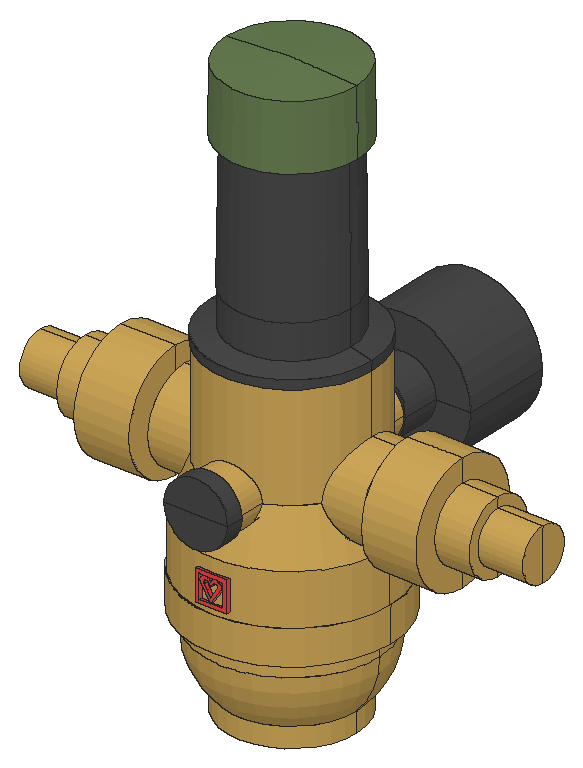
Revit family "Мембранный редуктор давления с крышкой фильтрующего элемента из латуни 2682", category Rohrzubehör, Revit 2021
Family settings
  Bemaßung runder Anschluss = Durchmesser verwenden
  Teiletyp = Unterbricht
  OmniClass-Nummer = 23.65.55.14
  OmniClass-Titel = Valves for Liquid Services
  Arbeitsebenenbasiert = Nein
  Immer vertikal = Ja
  Beim Laden mit Abzugskörper schneiden = Nein
  Gemeinsam genutzt = Nein
Parameters (values of type "Манометр сзади")
  Фильтрующий элемент = "нержавеющая сталь, размер ячейки 0.3 мм"  # constant formula
  Пружина = "пружинная сталь"  # constant formula
  Примечание = "В соответствии со статьей 33 Регламента REACH (Registration; Evaluation; Authorisation; Restriction of Chemicals) (EC № 1907/2006) мы обязаны указать, что свинец внесен в список SVHC (Substances of Very High Concern - вещества очень высокой важности) и весовой процент свинца во всех латунных компонентах заводского изготовления в наших изделиях, превышает 0,1 % (w/w) (CAS: 7439-92-1 / EINECS: 231-100-4).\r\nПоскольку свинец является легирующим компонентом сплава, прямое негативное влияние исключается, и поэтому дополнительной информации о безопасном использовании не требуется."
  Область применения = "Мембранный редуктор давления защищает установки от избыточного давления (снижает давление на входе до рабочего уровня).\r\nРедуктор также может использоваться в системах отопления для защиты водонагревателя от высокого давления.\r\nДавление на выходе настраивается в указанном диапазоне и не зависит от изменения давления на входе.\r\nДавление на выходе можно регулировать путем поворота зеленого маховика.\r\nПри повороте маховика по часовой стрелке увеличивается давление на выходе.\r\nПревышение значений, указанных на шкале редуктора, может привести к повреждению устройства.\r\nДля систем в частных домах рекомендуется установить давление на выходе равным 4 бара, что обеспечивает длительный срок службы изделия и низкие затраты во время его эксплуатации.\r\nПосле изменения настройки необходимо открыть и затем закрыть водоразборный кран и далее проконтролировать достигнутое значение настроенного давления по манометру при закрытом кране водоразбора."
  Номер заказа [instance] = size_lookup("2682_M_", "Artnr", 0, Nennweite)  # 1268221
  Направляющая пружины = "нержавеющая сталь"  # constant formula
  Маховик = "пластик PA6.6, зеленого цвета"  # constant formula
  Макс. рабочая температура = 70 °C  # constant formula
  Букса = "PA6.6"  # constant formula
  Заводская настройка давления на выходе = 300000.0 Pa  # constant formula
  W01 = 91.00°  # constant formula
  Vorne [instance] = no
  Vorgabe-Ansicht = 0.000 mm
  VRL03 [instance] = size_lookup("2682_M_", "VRL3", 1.000 mm, Nennweite)  # 23.500 mm
  VRL02 [instance] = size_lookup("2682_M_", "VRL2", 1.000 mm, Nennweite)  # 16.000 mm
  VRL01 [instance] = size_lookup("2682_M_", "VRL1", 1.000 mm, Nennweite)  # 73.500 mm
  VRD02 [instance] = size_lookup("2682_M_", "VRD2", 1.000 mm, Nennweite)  # 17.000 mm
  VRD01 [instance] = size_lookup("2682_M_", "VRD1", 1.000 mm, Nennweite)  # 10.500 mm
  VRAG [instance] = Nennweite / 2  # 7.500 mm
  URL = "www.herz-armaturen.ru"
  Стандарт = "EN 1567"  # constant formula
  SC_NennweiteBerechnet = 0
  SC_Dimension = ""
  SCTWSEQ = "AW;SBT_TYP_AW=\"111\";2"
  SCTWCODE = "04;24;02"  # constant formula
  S02 = 10.000 mm  # constant formula
  S01 [instance] = VRD02 * 2  # 34.000 mm
  R07 [instance] = R05 + 0.800 mm  # 9.300 mm
  R06 = 19.500 mm  # constant formula
  R05 [instance] = size_lookup("2682_M_", "R5", 1.000 mm, Nennweite)  # 8.500 mm
  R04 [instance] = size_lookup("2682_M_", "R4", 1.000 mm, Nennweite)  # 18.900 mm
  R03 [instance] = size_lookup("2682_M_", "R3", 1.000 mm, Nennweite)  # 19.250 mm
  R02 [instance] = size_lookup("2682_M_", "R2", 1.000 mm, Nennweite)  # 28.750 mm
  R01 [instance] = size_lookup("2682_M_", "R1", 1.000 mm, Nennweite)  # 23.250 mm
  Nennweite [instance] = 15.000 mm
  Мембрана = "EPDM"  # constant formula
  Среда = "Питьевая вода"  # constant formula
  Макс. давление на входе = 1600000.0 Pa  # constant formula
  Шкала манометра = "0 - 10 bar"  # constant formula
  Подключение манометра (с обеих сторон) = "1/4\" F (ISO 228-1)"
  LO01 [instance] = H02 - 2.000 mm  # 27.000 mm
  L01 [instance] = size_lookup("2682_M_", "L1", 1.000 mm, Nennweite)  # 10.600 mm
  L00 [instance] = size_lookup("2682_M_", "L", 1.000 mm, Nennweite)  # 84.000 mm
  Крышка = "латунь CW617N"  # constant formula
  Соединение "американка" = "латунь CW617N"  # constant formula
  Hinten [instance] = yes
  Hersteller = "HERZ Armaturen Ges.m.b.H."  # constant formula
  H12 [instance] = size_lookup("2682_M_", "H12", 1.000 mm, Nennweite)  # 5.800 mm
  H11 [instance] = size_lookup("2682_M_", "H11", 1.000 mm, Nennweite)  # 10.000 mm
  H10 [instance] = size_lookup("2682_M_", "H10", 1.000 mm, Nennweite)  # 37.000 mm
  H09 [instance] = H01 + H04 - H05  # 84.500 mm
  H08 [instance] = size_lookup("2682_M_", "H8", 1.000 mm, Nennweite)  # 20.000 mm
  H07 [instance] = size_lookup("2682_M_", "H7", 1.000 mm, Nennweite)  # 10.000 mm
  H06 [instance] = size_lookup("2682_M_", "H6", 1.000 mm, Nennweite)  # 2.500 mm
  H05 [instance] = size_lookup("2682_M_", "H5", 1.000 mm, Nennweite)  # 4.700 mm
  H04 [instance] = size_lookup("2682_M_", "H4", 1.000 mm, Nennweite)  # 58.700 mm
  H03 [instance] = D02 + 1.000 mm  # 14.220 mm
  H02 [instance] = size_lookup("2682_M_", "H2", 1.000 mm, Nennweite)  # 29.000 mm
  H01 [instance] = size_lookup("2682_M_", "H1", 1.000 mm, Nennweite)  # 30.500 mm
  Корпус (DN32-DN50) = "литая латунь (EN 1982; CC770S)"  # constant formula
  Корпус (DN15-DN25) = "штампованная латунь (EN 12165; CW626N)"  # constant formula
  GT1 [instance] = size_lookup("2682_M_", "GT1", 1.000 mm, Nennweite)  # 12.000 mm
  GT [instance] = size_lookup("2682_M_", "GT", 1.000 mm, Nennweite)  # 13.200 mm
  Диапазон настройки выходного давления = "1.5 - 6 bar"  # constant formula
  Уплотнение в мембранном редукторе = "EPDM"  # constant formula
  Уплотнение соединения "американка" = "Klingersil C-4324"  # constant formula
  D09 [instance] = size_lookup("2682_M_", "D9", 1.000 mm, Nennweite)  # 19.000 mm
  D08 [instance] = size_lookup("2682_M_", "D8", 1.000 mm, Nennweite)  # 25.800 mm
  D07 [instance] = size_lookup("2682_M_", "D7", 1.000 mm, Nennweite)  # 29.000 mm
  D06 [instance] = size_lookup("2682_M_", "D6", 1.000 mm, Nennweite)  # 16.000 mm
  D05 [instance] = size_lookup("2682_M_", "D5", 1.000 mm, Nennweite)  # 16.800 mm
  D04 [instance] = size_lookup("2682_M_", "D4", 1.000 mm, Nennweite)  # 17.300 mm
  D03 [instance] = size_lookup("2682_M_", "D3", 1.000 mm, Nennweite)  # 23.500 mm
  D02 [instance] = size_lookup("2682_M_", "D2", 1.000 mm, Nennweite)  # 13.220 mm
  D01 [instance] = size_lookup("2682_M_", "D1", 1.000 mm, Nennweite)  # 9.525 mm
  B03 = 5.000 mm  # constant formula
  B02 = 26.000 mm  # constant formula
  B01 [instance] = size_lookup("2682_M_", "B1", 1.000 mm, Nennweite)  # 30.000 mm
  B00 [instance] = size_lookup("2682_M_", "B", 1.000 mm, Nennweite)  # 67.000 mm
  Наружная резьба подключения = "в соответствии с ISO 7-1 и ISO228"  # constant formula
Types (3, lengths in mm): name | Vorne | Hinten
  (no name) | no | yes
  Манометр спереди | yes | no
  Манометр сзади | no | yes
Reference planes
  plane 1 "Mitte (Vorne/hinten)": y = 0
  plane 2: z = 0
  plane 3 "Mitte (Links/rechts)": x = 0
Forms (mm)
  Revolve 1, solid, material "Messing, weicher Gelbton, geschweißt", detail levels fine
    sketch origin (0, 0, 0) x (1, 0, 0) y (0, 0, 1)
      loop
        line (-42, 0) -> (42, 0) -> (42, 9.525) -> (31.4, 9.525) -> (31.4, 13.22) -> (-31.4, 13.22) -> (-31.4, 9.525) -> (-42, 9.525) -> (-42, 0)
      axis (-42, 0) -> (42, 0)
    angle from 0 to 360
  Revolve 2, solid, material "Messing, weicher Gelbton, geschweißt", detail levels fine
    sketch origin (0, 0, 0) x (1, 0, 0) y (0, 0, 1)
      loop
        line (0, -29) -> (28.75, -29) -> (28.75, -14.22) -> (23.25, 0) -> (23.25, 30.5) -> (0, 30.5) -> (0, -29)
      axis (0, 30.5) -> (0, -29)
    angle from 0 to 360
  Revolve 3, solid, material "Acetalharz, Schwarz", detail levels fine
    sketch origin (0, 0, 0) x (1, 0, 0) y (0, 0, 1)
      loop
        line (0, 30.5) -> (0, 89.2) -> (-16, 89.2) -> (-16, 84.5) -> (-16.8, 84.5) -> (-17.3, 44.5) -> (-17.3, 34.5) -> (-23.5, 33) -> (-23.5, 30.5) -> (0, 30.5)
      axis (0, 89.2) -> (0, 30.5)
    angle from 0 to 360
  Revolve 4, solid, material "Kunststoff GRÜN", detail levels fine
    sketch origin (0, 0, 0) x (1, 0, 0) y (0, 0, 1)
      loop
        line (0, 84.5) -> (19.25, 84.5) -> (18.9, 103.392)
        arc (18.9, 103.392) -> (9.466, 104.223) -> (0, 104.5) r 161.794
        line (0, 104.5) -> (0, 84.5)
      axis (0, 104.5) -> (0, 84.5)
    angle from 0 to 360
  Revolve 5, solid, material "Messing, weicher Gelbton, geschweißt", detail levels fine
    sketch origin (0, 0, 0) x (1, 0, 0) y (0, 0, 1)
      loop
        line (0, -29) -> (0, -66) -> (19, -66) -> (19, -60.2)
        arc (19, -60.2) -> (24.034, -52.577) -> (25.8, -43.615) r 23.626
        line (25.8, -43.615) -> (25.8, -39) -> (29, -39) -> (29, -29) -> (0, -29)
      axis (0, -29) -> (0, -66)
    angle from 0 to 360
  Revolve 6, solid, material "Messing, weicher Gelbton, geschweißt", detail levels fine
    sketch origin (0, 0, 0) x (1, 0, 0) y (0, 0, 1)
      loop
        line (34, 9.525) -> (46, 9.525) -> (46, 0) -> (73.5, 0) -> (73.5, 7.5) -> (60.3, 7.5) -> (60.3, 10.5) -> (50, 10.5) -> (50, 17) -> (34, 17) -> (34, 9.525)
      loop
        line (-34, 9.525) -> (-34, 17) -> (-50, 17) -> (-50, 10.5) -> (-60.3, 10.5) -> (-60.3, 7.5) -> (-73.5, 7.5) -> (-73.5, 0) -> (-46, 0) -> (-46, 9.525) -> (-34, 9.525)
      axis (-73.5, 0) -> (73.5, 0)
    angle from 0 to 360
  Revolve 7, solid, material "Messing, weicher Gelbton, geschweißt", detail levels fine
    sketch origin (0, 0, 0) x (1, 0, 0) y (0, 1, 0)
      loop
        line (0, 30) -> (0, -30) -> (8.5, -30) -> (8.5, 30) -> (0, 30)
      axis (0, 30) -> (0, -30)
    angle from 0 to 360
  Revolve 8, solid, material "Acetalharz, Schwarz", visible <- "Vorne", detail levels fine
    sketch origin (0, 0, 0) x (1, 0, 0) y (0, 1, 0)
      loop
        line (0, -30) -> (0, -65) -> (17.5, -65) -> (17.5, -67) -> (19.5, -67) -> (19.5, -41) -> (9.3, -41) -> (9.3, -30) -> (0, -30)
      axis (0, -30) -> (0, -67)
    angle from 0 to 360
  Revolve 9, solid, material "Acetalharz, Schwarz", visible <- "Vorne", detail levels fine
    sketch origin (0, 0, 0) x (1, 0, 0) y (0, 1, 0)
      loop
        line (0, 30) -> (9.3, 30) -> (9.3, 35) -> (0, 35) -> (0, 30)
      axis (0, 35) -> (0, 30)
    angle from 0 to 360
  Revolve 10, solid, material "Acetalharz, Schwarz", visible <- "Hinten", detail levels fine
    sketch origin (0, 0, 0) x (1, 0, 0) y (0, -1, 0)
      loop
        line (0, 30) -> (9.3, 30) -> (9.3, 35) -> (0, 35) -> (0, 30)
      axis (0, 35) -> (0, 30)
    angle from 0 to 360
  Revolve 11, solid, material "Acetalharz, Weiß", visible <- "Vorne", detail levels fine
    sketch origin (0, 0, 0) x (1, 0, 0) y (0, 1, 0)
      loop
        line (0, -65) -> (0, -66.5) -> (17.5, -66.5) -> (17.5, -65) -> (0, -65)
      axis (0, -65) -> (0, -66.5)
    angle from 0 to 360
  Revolve 12, solid, material "Acetalharz, Schwarz", visible <- "Hinten", detail levels fine
    sketch origin (0, 0, 0) x (1, 0, 0) y (0, -1, 0)
      loop
        line (0, -30) -> (0, -65) -> (17.5, -65) -> (17.5, -67) -> (19.5, -67) -> (19.5, -41) -> (9.3, -41) -> (9.3, -30) -> (0, -30)
      axis (0, -30) -> (0, -67)
    angle from 0 to 360
  Revolve 13, solid, material "Acetalharz, Weiß", visible <- "Hinten", detail levels fine
    sketch origin (0, 0, 0) x (1, 0, 0) y (0, -1, 0)
      loop
        line (0, -65) -> (0, -66.5) -> (17.5, -66.5) -> (17.5, -65) -> (0, -65)
      axis (0, -65) -> (0, -66.5)
    angle from 0 to 360
Lines and regions (mm)
  model lines, detail levels coarse+medium
    curve 1: line (-42, 0, -17) -> (-42, 0, 17)
    curve 2: line (-42, 0, 17) -> (42, 0, -34)
    curve 3: line (42, 0, -34) -> (42, 0, 34)
    curve 4: line (42, 0, 34) -> (-42, 0, -17)
    curve 5: line (-42, 0, 17) -> (-52, 0, 17)
    curve 6: line (-52, 0, 17) -> (-42, 0, 0)
    curve 7: line (-42, 0, -17) -> (-52, 0, -17)
    curve 8: line (-52, 0, -17) -> (-42, 0, 0)
    curve 9: line (-42, 0, 0) -> (-73.5, 0, 0)
    curve 10: line (42, 0, 17) -> (52, 0, 17)
    curve 11: line (52, 0, 17) -> (42, 0, 0)
    curve 12: line (42, 0, -17) -> (52, 0, -17)
    curve 13: line (52, 0, -17) -> (42, 0, 0)
    curve 14: line (42, 0, 0) -> (73.5, 0, 0)
    curve 15: line (-42, -17, 0) -> (-42, 17, 0)
    curve 16: line (-42, 17, 0) -> (42, -34, 0)
    curve 17: line (42, -34, 0) -> (42, 34, 0)
    curve 18: line (42, 34, 0) -> (-42, -17, 0)
    curve 19: line (-42, 17, 0) -> (-52, 17, 0)
    curve 20: line (-52, 17, 0) -> (-42, 0, 0)
    curve 21: line (-42, -17, 0) -> (-52, -17, 0)
    curve 22: line (-52, -17, 0) -> (-42, 0, 0)
    curve 23: line (42, 0, -17) -> (42, 0, 17)
    curve 24: line (42, 0, 17) -> (52, 0, 17)
    curve 25: line (52, 0, 17) -> (42, 0, 0)
    curve 26: line (42, 17, 0) -> (52, 17, 0)
    curve 27: line (52, 17, 0) -> (42, 0, 0)
    curve 28: line (42, -17, 0) -> (52, -17, 0)
    curve 29: line (52, -17, 0) -> (42, 0, 0)
Dimensions and locks
  equal spacing: Revolve 1 sketch curve, plane 3 "Mitte (Links/rechts)", Revolve 1 sketch curve
  "L00": Revolve 1 sketch curve to Revolve 1 sketch curve
  "L01": Revolve 1 sketch curve to Revolve 1 sketch curve  (x2)
  "D01": Revolve 1 sketch curve to Revolve 1 sketch curve  (x2)
  "D02": Revolve 1 sketch curve to plane 2
  "R01": Revolve 2 sketch curve to Revolve 2 sketch curve
  "R02": Revolve 2 sketch curve to Revolve 2 sketch curve
  "H01": Revolve 2 sketch curve to plane 2
  "H02": plane 2 to Revolve 2 sketch curve
  "H03": plane 2 to Revolve 2 sketch curve
  "H01": Revolve 3 sketch curve to plane 2
  "H04": Revolve 3 sketch curve to Revolve 3 sketch curve
  "H05": Revolve 3 sketch curve to Revolve 3 sketch curve
  "H06": Revolve 3 sketch curve to Revolve 3 sketch curve
  "H07": Revolve 3 sketch curve to Revolve 3 sketch curve
  "D03": Revolve 3 sketch curve to Revolve 3 sketch curve
  "D04": Revolve 3 sketch curve to Revolve 3 sketch curve
  "D05": Revolve 3 sketch curve to Revolve 3 sketch curve
  "D06": Revolve 3 sketch curve to Revolve 3 sketch curve
  "R03": Revolve 4 sketch curve to Revolve 4 sketch curve
  "H08": Revolve 4 sketch curve to Revolve 4 sketch curve
  "R04": Revolve 4 sketch curve to plane 3 "Mitte (Links/rechts)"
  "H09": Revolve 4 sketch curve to plane 2
  "H10": Revolve 5 sketch curve to Revolve 5 sketch curve
  "H02": plane 2 to Revolve 5 sketch curve
  "D07": Revolve 5 sketch curve to Revolve 5 sketch curve
  "H11": Revolve 5 sketch curve to Revolve 5 sketch curve
  "D08": Revolve 5 sketch curve to Revolve 5 sketch curve
  "H12": Revolve 5 sketch curve to Revolve 5 sketch curve
  "D09": Revolve 5 sketch curve to Revolve 5 sketch curve
  "VRL02": Revolve 6 sketch curve to Revolve 6 sketch curve  (x2)
  "VRL01": Revolve 6 sketch curve to plane 3 "Mitte (Links/rechts)"
  "GT": Revolve 6 sketch curve to Revolve 6 sketch curve  (x2)
  "VRL03": Revolve 6 sketch curve to Revolve 6 sketch curve  (x2)
  "D01": Revolve 6 sketch curve to plane 2  (x2)
  "GT1": Revolve 6 sketch curve to Revolve 6 sketch curve  (x2)
  "VRAG": Revolve 6 sketch curve to plane 2  (x2)
  "VRD01": Revolve 6 sketch curve to plane 2  (x2)
  "VRD02": Revolve 6 sketch curve to Revolve 6 sketch curve  (x2)
  "VRL01": plane 3 "Mitte (Links/rechts)" to Revolve 6 sketch curve
  "B01": Revolve 7 sketch curve to plane 1 "Mitte (Vorne/hinten)" to Revolve 7 sketch curve
  "R05": Revolve 7 sketch curve to Revolve 7 sketch curve
  "B00": Revolve 8 sketch curve to plane 1 "Mitte (Vorne/hinten)"
  "B01": plane 1 "Mitte (Vorne/hinten)" to Revolve 8 sketch curve
  "B02": Revolve 8 sketch curve to Revolve 8 sketch curve
  "R06": Revolve 8 sketch curve to Revolve 8 sketch curve
  "R07": Revolve 8 sketch curve to Revolve 8 sketch curve
  "R02": nested 1 to plane 1 "Mitte (Vorne/hinten)"
  "LO01": plane 2 to nested 1
  "VRD02": curve 2 to plane 2 to curve 4
  "S01": curve 4 to plane 2 to curve 3
  equal spacing: curve 3, plane 3 "Mitte (Links/rechts)", curve 1
  "L00": curve 3 to curve 1
  "S02": curve 1 to curve 6
  "S02": curve 1 to curve 8
  "VRL01": plane 3 "Mitte (Links/rechts)" to curve 9
  "S02": curve 11 to curve 3
  "S02": curve 13 to curve 3
  "VRL01": curve 14 to plane 3 "Mitte (Links/rechts)"
  "VRD02": curve 10 to plane 2 to curve 12
  equal spacing: curve 15, plane 3 "Mitte (Links/rechts)", curve 17
  "L00": curve 15 to curve 17
  "VRD02": curve 18 to plane 1 "Mitte (Vorne/hinten)" to curve 16
  "S01": curve 17 to plane 1 "Mitte (Vorne/hinten)" to curve 18
  "S02": curve 20 to curve 15
  "S02": curve 22 to curve 15
  "S02": curve 17 to curve 27
  "S02": curve 17 to curve 29
  "VRD02": curve 28 to plane 1 "Mitte (Vorne/hinten)" to curve 26
  "R07": Revolve 9 sketch curve to Revolve 9 sketch curve
  "B03": Revolve 9 sketch curve to Revolve 9 sketch curve
  "B01": plane 1 "Mitte (Vorne/hinten)" to Revolve 9 sketch curve
  "R07": Revolve 10 sketch curve to Revolve 10 sketch curve
  "B03": Revolve 10 sketch curve to Revolve 10 sketch curve
  "B01": Revolve 10 sketch curve to plane 1 "Mitte (Vorne/hinten)"
  "B02": Revolve 12 sketch curve to Revolve 12 sketch curve
  "R06": Revolve 12 sketch curve to Revolve 12 sketch curve
  "R07": Revolve 12 sketch curve to Revolve 12 sketch curve
  aligned and locked: level to plane 2
Automatic sketch dimensions
  Revolve 11 sketch curve to plane 3 "Mitte (Links/rechts)" = 0.000 mm  (x2)
  plane 3 "Mitte (Links/rechts)" to Revolve 11 sketch curve = 17.500 mm
  plane 1 "Mitte (Vorne/hinten)" to Revolve 11 sketch curve = 66.500 mm
  Revolve 11 sketch curve to Revolve 11 sketch curve = 1.500 mm
  Revolve 11 sketch curve to Revolve 11 sketch curve = 1933.500 mm
  Revolve 11 sketch curve to plane 1 "Mitte (Vorne/hinten)" = 2000.000 mm
  Revolve 13 sketch curve to plane 3 "Mitte (Links/rechts)" = 0.000 mm  (x2)
  Revolve 13 sketch curve to plane 3 "Mitte (Links/rechts)" = 17.500 mm
  plane 1 "Mitte (Vorne/hinten)" to Revolve 13 sketch curve = 66.500 mm
  Revolve 13 sketch curve to Revolve 13 sketch curve = 1.500 mm
  Revolve 13 sketch curve to Revolve 13 sketch curve = 1933.500 mm
  Revolve 13 sketch curve to plane 1 "Mitte (Vorne/hinten)" = 2000.000 mm
  curve 25 to level = 0.000 mm
  curve 14 to level = 0.000 mm
  curve 6 to level = 0.000 mm
  curve 8 to level = 0.000 mm
  curve 24 to curve 10 = 0.000 mm
  plane 1 "Mitte (Vorne/hinten)" to curve 29 = 0.000 mm
  plane 1 "Mitte (Vorne/hinten)" to curve 20 = 0.000 mm
  Revolve 1 sketch curve to level = 0.000 mm  (x2)
  Revolve 1 sketch curve to Revolve 1 sketch curve = 1464.530 mm
  Revolve 1 sketch curve to Revolve 1 sketch curve = 1797.148 mm
  Revolve 2 sketch curve to plane 3 "Mitte (Links/rechts)" = 0.000 mm  (x2)
  Revolve 2 sketch curve to level = 0.000 mm
  Revolve 2 sketch curve to Revolve 2 sketch curve = 337.045 mm
  Revolve 2 sketch curve to Revolve 2 sketch curve = 2183.815 mm
  Revolve 3 sketch curve to plane 3 "Mitte (Links/rechts)" = 0.000 mm  (x2)
  Revolve 3 sketch curve to Revolve 3 sketch curve = 1.500 mm
  Revolve 3 sketch curve to level = 366.045 mm
  Revolve 3 sketch curve to Revolve 3 sketch curve = 2125.115 mm
  Revolve 4 sketch curve to plane 3 "Mitte (Links/rechts)" = 0.000 mm  (x2)
  Revolve 4 sketch curve to level = 57.294 mm
  Revolve 4 sketch curve to Revolve 4 sketch curve = 308.751 mm
  Revolve 4 sketch curve to Revolve 4 sketch curve = 2109.815 mm
  Revolve 5 sketch curve to plane 3 "Mitte (Links/rechts)" = 0.000 mm  (x2)
  plane 3 "Mitte (Links/rechts)" to Revolve 5 sketch curve = 2.174 mm
  Revolve 5 sketch curve to Revolve 5 sketch curve = 300.045 mm
  level to Revolve 5 sketch curve = 2214.315 mm
  Revolve 6 sketch curve to level = 0.000 mm  (x3)
  Revolve 6 sketch curve to Revolve 6 sketch curve = 1433.030 mm
  Revolve 6 sketch curve to Revolve 6 sketch curve = 1765.648 mm
  Revolve 7 sketch curve to plane 3 "Mitte (Links/rechts)" = 0.000 mm  (x2)
  Revolve 7 sketch curve to Revolve 7 sketch curve = 1950.000 mm  (x2)
  Revolve 8 sketch curve to plane 3 "Mitte (Links/rechts)" = 0.000 mm  (x2)
  Revolve 8 sketch curve to Revolve 8 sketch curve = 2.000 mm  (x2)
  Revolve 8 sketch curve to Revolve 8 sketch curve = 1936.000 mm
  Revolve 8 sketch curve to plane 1 "Mitte (Vorne/hinten)" = 2000.000 mm
  Revolve 9 sketch curve to plane 3 "Mitte (Links/rechts)" = 0.000 mm  (x2)
  plane 1 "Mitte (Vorne/hinten)" to Revolve 9 sketch curve = 2000.000 mm
  Revolve 9 sketch curve to Revolve 9 sketch curve = 1963.669 mm
  Revolve 10 sketch curve to plane 3 "Mitte (Links/rechts)" = 0.000 mm  (x2)
  plane 1 "Mitte (Vorne/hinten)" to Revolve 10 sketch curve = 2000.000 mm
  Revolve 10 sketch curve to Revolve 10 sketch curve = 1963.669 mm
  Revolve 12 sketch curve to plane 3 "Mitte (Links/rechts)" = 0.000 mm  (x2)
  Revolve 12 sketch curve to Revolve 12 sketch curve = 2.000 mm  (x2)
  plane 1 "Mitte (Vorne/hinten)" to Revolve 12 sketch curve = 67.000 mm
  Revolve 12 sketch curve to Revolve 12 sketch curve = 11.000 mm
  Revolve 12 sketch curve to Revolve 12 sketch curve = 1936.000 mm
  Revolve 12 sketch curve to plane 1 "Mitte (Vorne/hinten)" = 2000.000 mm
Nested families
  nested 1: "Herz-Logo-vorne" at (0, -28.75, -22.5) x (0, 1, 0) z (0, 0, 1), type "Herz-Logo-vorne", detail levels fine
Connectors
  piping at (73.5, 0, 0), diameter 15, driven by "Nennweite"
    settings: on Revolve 6, index 1, connector inside diameter 609.6 mm, connector length 0.000 mm, flow factor 0, pipe flow 0.0 L/s, pressure drop 0.0 Pa, fitting loss kfactor 0, connector angle 0.00°, fixture units 0, engagement length 0.000 mm, angle of deflection 0.00°, flow configuration 0, flow direction 2, fitting loss method 0, system type 29, joint type 0, gender type 0, connector reference index -1, connector utility 0, adjustable connector no, is connector primary yes, connector description ""
  piping at (-73.5, 0, 0), diameter 15, driven by "Nennweite"
    settings: on Revolve 6, index 2, connector inside diameter 609.6 mm, connector length 0.000 mm, flow factor 0, pipe flow 0.0 L/s, pressure drop 0.0 Pa, fitting loss kfactor 0, connector angle 0.00°, fixture units 0, engagement length 0.000 mm, angle of deflection 0.00°, flow configuration 0, flow direction 1, fitting loss method 0, system type 29, joint type 0, gender type 0, connector reference index -1, connector utility 0, adjustable connector no, is connector primary no, connector description ""
Definition of nested family "Herz-Logo-vorne"
  Parameters (values of type "Herz-Logo-vorne")
    Default Elevation = 0.000 mm
  Reference planes
    plane 1 "Mitte (Vorne/hinten)": y = 0
    plane 2: z = 0
    plane 3 "Mitte (Links/rechts)": x = 0
  Forms (mm)
    Extrusion 1, solid
      sketch origin (0.732, -0.018, 0.017) x (0, -1, 0) y (0, 0, 1)
        loop
          line (-0.018, -4.517) -> (4.482, -4.517) -> (4.482, 4.483) -> (-4.518, 4.483) -> (-4.518, -4.517) -> (-0.018, -4.517)
        loop
          line (-0.05, -3.48) -> (3.482, -3.48) -> (3.482, 3.483) -> (-3.518, 3.483) -> (-3.518, -3.48) -> (-0.05, -3.48)
        loop
          arc (-0.018, 2.383) -> (-1.543, 3.287) -> (-3.067, 2.383) r 1.738
          arc (-3.067, 2.383) -> (-3.191, 1.899) -> (-3.067, 1.415) r 1.009
          line (-3.067, 1.415) -> (-0.018, -3.281) -> (3.032, 1.415)
          arc (3.032, 1.415) -> (3.156, 1.899) -> (3.032, 2.383) r 1.009
          arc (3.032, 2.383) -> (1.507, 3.287) -> (-0.018, 2.383) r 1.738
        loop
          arc (1.885, 1.272) -> (2.005, 1.675) -> (1.885, 2.079) r 0.74
          arc (1.885, 2.079) -> (1.265, 2.416) -> (0.644, 2.079) r 0.74
          line (0.644, 2.079) -> (-0.018, 0.97) -> (-0.679, 2.079)
          arc (-0.679, 2.079) -> (-1.3, 2.416) -> (-1.921, 2.079) r 0.74
          arc (-1.921, 2.079) -> (-2.04, 1.675) -> (-1.921, 1.272) r 0.74
          line (-1.921, 1.272) -> (-0.018, -1.658) -> (1.885, 1.272)
      from 0 to 1.5
  Dimensions and locks
    aligned and locked: level to plane 2
